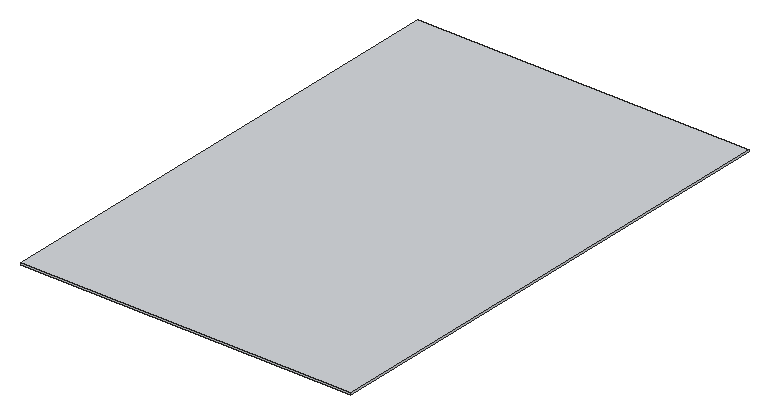
Revit family "BuzziRugs", category Furniture, Revit 2019
Family settings
  OmniClass Number = 23.40.20.00
  OmniClass Title = General Furniture and Specialties
  Work Plane-Based = No
  Always vertical = Yes
  Cut with Voids When Loaded = No
  Shared = No
  Room Calculation Point = No
Parameters (values of type "BuzziRugs Medium")
  Width = 6' - 6 189/256"
  Round Visible = not(Rectangular Visible)  # no
  Rectangular Visible = yes
  Material [instance] = none
  Length = 9' - 10 7/64"
  Diameter = 9' - 10 7/64"
Types (4): name | Width | Round Visible | Rectangular Visible | Length | Diameter
  (no name) | 6' - 6 189/256" | no | yes | 9' - 10 7/64" | 9' - 10 7/64"
  BuzziRugs Small | 5' - 6.93" | no | yes | 7' - 10.49" | 11' - 0"
  BuzziRugs Medium | 6' - 6 189/256" | no | yes | 9' - 10 7/64" | 9' - 10 7/64"
  BuzziRugs Round | 5' - 6.93" | yes | no | 7' - 10.49" | 11' - 0"
Reference planes (in)
  plane 1 "Center Front/Back": y = 0
  plane 2: z = 0
  plane 3 "Center Left/Right": x = 0
  plane 4: x = -39.36914
  plane 5: x = 39.36914
  plane 6: y = 59.05469
  plane 7: y = -59.05469
Forms (in)
  Extrusion 1, solid, material <- "Material", visible <- "Rectangular Visible"
    sketch origin (0, 0, 0) x (1, 0, 0) y (0, 1, 0)
      loop
        line (-39.36914, 59.05469) -> (-39.36914, -59.05469) -> (39.36914, -59.05469) -> (39.36914, 59.05469) -> (-39.36914, 59.05469)
    from 0 to 0.39063
  Extrusion 2, solid, material <- "Material", visible <- "Round Visible"
    sketch origin (0, 0, 0) x (1, 0, 0) y (0, 1, 0)
      loop
        circle (0, 0) r 59.05469
    from 0 to 0.39063
Dimensions and locks (in)
  equal spacing: plane 4, plane 3 "Center Left/Right", plane 5
  "Width": plane 4 to plane 5
  equal spacing: plane 7, plane 1 "Center Front/Back", plane 6
  "Length": plane 6 to plane 7
  "Diameter": diameter of Extrusion 2 sketch curve
  aligned and locked: level to plane 2
  aligned and locked: Extrusion 1 sketch curve to plane 4
  aligned and locked: plane 7 to Extrusion 1 sketch curve
  aligned and locked: Extrusion 1 sketch curve to plane 5
  aligned and locked: plane 6 to Extrusion 1 sketch curve
Automatic sketch dimensions
  plane 1 "Center Front/Back" to Extrusion 2 sketch curve = 0' - 0"
  Extrusion 2 sketch curve to plane 3 "Center Left/Right" = 0' - 0"
